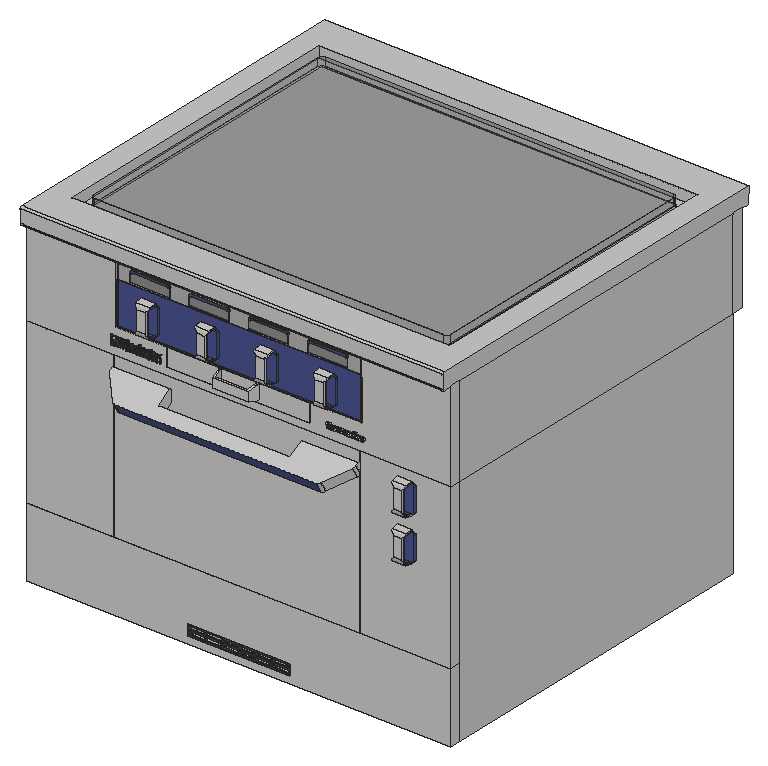
Revit family "QF_ELECTROLUXPROFESSIONAL_589658_MCLMFAJ8AO", category Attrezzature speciali, Revit 2020
Family settings
  Quota connettore circolare = Usa diametro
  Tipo di parte = Normale
  Basato su piano di lavoro = No
  Sempre verticale = Sì
  Taglio con vuoti quando caricato = No
  Condiviso = No
  Punto di calcolo locali = No
Parameters (values of type "Standard")
  Weight = 258.00 kg
  Watts = 21300 W
  Volts = 400 V
  URL Manufacturer = "https://www.electroluxprofessional.com/"
  URL = "https://www.electroluxprofessional.com/"
  Steam Supply Size = 0"
  Steam Supply Minimum Pressure = 0.00 psi
  Steam Supply Maximum Pressure = 0.00 psi
  Steam Consumption per Hour = 0
  Refrigeration Suction Line Size = 0 mm
  Refrigeration Liquid Line Size = 0 mm
  Refrigerant Compressor Remote = yes
  Prospetto di default = 0 mm
  Phase = 3
  Modello = "MCLMFAJ8AO"
  Produttore = "Electrolux Professional"
  Length Actual = 1000 mm  # constant formula
  Item Number = "589658"
  Hot Water Size = 0"
  Height Actual = 800 mm  # constant formula
  HP = "28.6 HP"
  Gas Size = 0"
  Gas KW = 0
  Gas Input Pressure = 0.0 Btu/h
  Direct Waste Size = 0"
  Descrizione = "EL.SOLID T,ECO,ST.OV,1S,1000X900X800H"
  Depth Actual = 900 mm  # constant formula
  Cycle = 50 Hz
  Condensate Return Size = 0"
  Compressed Air Volume = 0 GPM
  Compressed Air Size = 0"
  Compressed Air Pressure = 0.00 psi
  Cold Water Size = 0"
  Accessory = yes
Reference planes
  plane 1 "BACK": y = 0
  plane 2: z = 0
  plane 3 "LEFT": x = -100
  plane 4 "RIGHT": x = 900
  plane 5 "FRONT": y = -900
  plane 6 "TOP": z = 900
  plane 7 "Center (Left/Right)": x = 400
  plane 8: y = -450
  plane 9: z = 100
  plane 10: y = -150
  plane 11 "Panel": y = -855
  plane 12: z = 798
  plane 13: z = 1327
  plane 14: x = -22
  plane 15: x = 822
  plane 16: y = -150
  plane 17: y = -650
  plane 18 "EIx": x = 855
  plane 19 "EIy": y = -685
  plane 20: y = -880
  plane 21: z = 938
Forms (mm)
  Extrusion 1, solid, material "QF_Finishes_Stainless Steel"
    sketch origin (-178.969, -4572, 100) x (-1, 0, 0) y (0, -1, 0)
      loop
        line (-78.969, -4527) -> (-78.969, -3717) -> (-1078.969, -3717) -> (-1078.969, -4527) -> (-78.969, -4527)
    from 550 to 762.969
  Extrusion 2, solid, material "QF_Finishes_Stainless Steel"
    sketch origin (-100, 0, -100) x (0, 1, 0) y (0, 0, 1)
      loop
        line (-855, 200) -> (-855, 365) -> (-880, 365) -> (-880, 200) -> (-855, 200)
    from 0 to 1000
  Extrusion 3, solid, material "QF_Finishes_Stainless Steel"
    sketch origin (-488.969, -4662, 100) x (-1, 0, 0) y (0, -1, 0)
      loop
        circle (-1343.969, -3977) r 6.35
    from 0 to -11.851
  Extrusion 4, solid, material "QF_Finishes_Stainless Steel"
    sketch origin (400, 296.4, 1219.2) x (0, 1, 0) y (0, 0, 1)
      loop
        line (-296.4, -319.2) -> (-1191.4, -319.2)
        arc (-1191.4, -319.2) -> (-1194.935, -320.664) -> (-1196.4, -324.2) r 5
        line (-1196.4, -324.2) -> (-1196.4, -355.2)
        arc (-1196.4, -355.2) -> (-1194.971, -358.264) -> (-1191.705, -359.139) r 4
        line (-1191.705, -359.139) -> (-1176.4, -356.231) -> (-316.4, -356.231) -> (-301.094, -359.139)
        arc (-301.094, -359.139) -> (-297.829, -358.264) -> (-296.4, -355.2) r 4
        line (-296.4, -355.2) -> (-296.4, -319.2)
    from -500 to 500
  Extrusion 5, solid, material "QF_Finishes_Electrolux_Black Smoke Iluminated"
    sketch origin (0, 0, 900) x (-1, 0, 0) y (0, -1, 0)
      loop
        arc (12, 109) -> (19.071, 111.929) -> (22, 119) r 10
        line (22, 119) -> (22, 780)
        arc (22, 780) -> (19.071, 787.071) -> (12, 790) r 10
        line (12, 790) -> (-812, 790)
        arc (-812, 790) -> (-819.071, 787.071) -> (-822, 780) r 10
        line (-822, 780) -> (-822, 119)
        arc (-822, 119) -> (-819.071, 111.929) -> (-812, 109) r 10
        line (-812, 109) -> (12, 109)
    from 0 to -20
  Extrusion 6, solid, material "QF_Finishes_Stainless Steel"
    sketch origin (-178.969, -4572, 100) x (-1, 0, 0) y (0, -1, 0)
      loop
        line (-78.969, -4527) -> (-78.969, -3717) -> (-1078.969, -3717) -> (-1078.969, -4527) -> (-78.969, -4527)
    from 550 to 0
  Extrusion 7, void
    sketch origin (0, -855, -100) x (-1, 0, 0) y (0, 0, 1)
      loop
        line (-520, 216.594) -> (-280, 216.594) -> (-280, 241.594) -> (-520, 241.594) -> (-520, 216.594)
    from 0 to -25
  Extrusion 8, solid, material "QF_Finishes_Black"
    sketch origin (0, -855, -100) x (-1, 0, 0) y (0, 0, 1)
      loop
        line (-280, 241.594) -> (-520, 241.594) -> (-520, 216.594) -> (-280, 216.594) -> (-280, 241.594)
      loop
        line (-282, 239.594) -> (-319.131, 239.594) -> (-319.131, 230.094) -> (-282, 230.094) -> (-282, 239.594)
      loop
        line (-282, 218.594) -> (-282, 228.094) -> (-319.131, 228.094) -> (-319.131, 218.594) -> (-282, 218.594)
      loop
        line (-321.131, 239.594) -> (-359.066, 239.594) -> (-359.066, 230.094) -> (-321.131, 230.094) -> (-321.131, 239.594)
      loop
        line (-399, 239.594) -> (-399, 230.094) -> (-361.066, 230.094) -> (-361.066, 239.594) -> (-399, 239.594)
      loop
        line (-401, 239.594) -> (-438.934, 239.594) -> (-438.934, 230.094) -> (-401, 230.094) -> (-401, 239.594)
      loop
        line (-359.066, 218.594) -> (-321.131, 218.594) -> (-321.131, 228.094) -> (-359.066, 228.094) -> (-359.066, 218.594)
      loop
        line (-361.066, 218.594) -> (-361.066, 228.094) -> (-399, 228.094) -> (-399, 218.594) -> (-361.066, 218.594)
      loop
        line (-401, 228.094) -> (-438.934, 228.094) -> (-438.934, 218.594) -> (-401, 218.594) -> (-401, 228.094)
      loop
        line (-518, 239.594) -> (-518, 230.094) -> (-480.869, 230.094) -> (-480.869, 239.594) -> (-518, 239.594)
      loop
        line (-518, 218.594) -> (-480.869, 218.594) -> (-480.869, 228.094) -> (-518, 228.094) -> (-518, 218.594)
      loop
        line (-478.869, 239.594) -> (-478.869, 230.094) -> (-440.934, 230.094) -> (-440.934, 239.594) -> (-478.869, 239.594)
      loop
        line (-440.934, 218.594) -> (-440.934, 228.094) -> (-478.869, 228.094) -> (-478.869, 218.594) -> (-440.934, 218.594)
    from -25.03 to -20
  Extrusion 9, void
    sketch origin (0, 0, 900) x (-1, 0, 0) y (0, -1, 0)
      loop
        line (47, 815) -> (-847, 815) -> (-847, 84) -> (47, 84) -> (47, 815)
    from 0 to -25
  Extrusion 10, solid, material "QF_Finishes_Stainless Steel"
    sketch origin (0, 0, 900) x (-1, 0, 0) y (0, -1, 0)
      loop
        line (18, 113) -> (18, 786) -> (-818, 786) -> (-818, 113) -> (18, 113)
    from -20 to -25
  Extrusion 11, solid, material "QF_Finishes_Stainless Steel"
    sketch origin (400, 296.4, 1219.2) x (0, 1, 0) y (0, 0, 1)
      loop
        line (-341.4, -569.2) -> (-316.4, -569.2) -> (-316.4, -356.231) -> (-341.4, -356.231) -> (-341.4, -569.2)
    from -500 to 500
Cuts and joins
  Extrusion 7 cuts Extrusion 6
  Extrusion 7 cuts Extrusion 2
  Extrusion 9 cuts Extrusion 4
Lines and regions (mm)
  symbolic lines
    curve 1: line (-100, 0, 100) -> (900, 0, 100)
    curve 2: line (-100, -900, 100) -> (-100, 0, 100)
    curve 3: line (900, -900, 100) -> (-100, -900, 100)
    curve 4: line (900, 0, 100) -> (900, -900, 100)
    curve 5: line (812, -109, 100) -> (-12, -109, 100)
    curve 6: line (-22, -119, 100) -> (-22, -780, 100)
    curve 7: line (-12, -790, 100) -> (812, -790, 100)
    curve 8: line (822, -780, 100) -> (822, -119, 100)
    curve 9: arc (-12, -109, 100) -> (-19.071, -111.929, 100) -> (-22, -119, 100) r 10
    curve 10: arc (822, -119, 100) -> (819.071, -111.929, 100) -> (812, -109, 100) r 10
    curve 11: arc (812, -790, 100) -> (819.071, -787.071, 100) -> (822, -780, 100) r 10
    curve 12: arc (-22, -780, 100) -> (-19.071, -787.071, 100) -> (-12, -790, 100) r 10
    curve 13: line (847, -84, 900) -> (-47, -84, 900)
    curve 14: line (-47, -84, 900) -> (-47, -815, 900)
    curve 15: line (847, -815, 900) -> (847, -84, 900)
    curve 16: line (-47, -815, 900) -> (847, -815, 900)
  model lines, style "SpecialityEquipment"
    curve 17: arc (634, -211, 900) -> (580.967, -339.033, 900) -> (709, -286, 900) r 75
    curve 18: line (689, -286, 900) -> (729, -286, 900)
    curve 19: line (729, -286, 900) -> (709, -266, 900)
    curve 20: line (689, -286, 900) -> (709, -266, 900)
    curve 21: arc (166, -211, 900) -> (112.967, -339.033, 900) -> (241, -286, 900) r 75
    curve 22: line (221, -286, 900) -> (261, -286, 900)
    curve 23: line (261, -286, 900) -> (241, -266, 900)
    curve 24: line (221, -286, 900) -> (241, -266, 900)
    curve 25: arc (634, -539, 900) -> (580.967, -667.033, 900) -> (709, -614, 900) r 75
    curve 26: line (689, -614, 900) -> (729, -614, 900)
    curve 27: line (729, -614, 900) -> (709, -594, 900)
    curve 28: line (689, -614, 900) -> (709, -594, 900)
    curve 29: arc (166, -539, 900) -> (112.967, -667.033, 900) -> (241, -614, 900) r 75
    curve 30: line (221, -614, 900) -> (261, -614, 900)
    curve 31: line (261, -614, 900) -> (241, -594, 900)
    curve 32: line (221, -614, 900) -> (241, -594, 900)
Dimensions and locks
  plane 3 "LEFT" to plane 4 "RIGHT" = 1000 mm
  plane 5 "FRONT" to plane 1 "BACK" = 900 mm
  plane 3 "LEFT" to plane 7 "Center (Left/Right)" to plane 4 "RIGHT" = 500 mm, 500 mm
  equal spacing: plane 5 "FRONT", plane 8, plane 1 "BACK"
  plane 6 "TOP" to level = 900 mm  (x2)
  plane 9 to level = 100 mm
  plane 1 "BACK" to plane 10 to plane 11 "Panel" = 150 mm, 705 mm  (x2)
  plane 6 "TOP" to plane 9 to level = 800 mm, 100 mm
  plane 1 "BACK" to plane 5 "FRONT" = 900 mm
  plane 1 "BACK" to Extrusion 3 = 685 mm
  plane 12 to plane 9 = 698 mm
  plane 13 to plane 6 "TOP" = 427 mm
  plane 6 "TOP" to plane 12 = 102 mm
  plane 14 to plane 3 "LEFT" = 78 mm
  plane 15 to plane 4 "RIGHT" = 78 mm
  locked: plane 1 "BACK" to plane 16 at 150
  locked: plane 16 to plane 17 at 500
  plane 11 "Panel" to plane 5 "FRONT" = 45 mm
  plane 18 "EIx" to plane 4 "RIGHT" = 45 mm
  plane 19 "EIy" to plane 1 "BACK" = 685 mm
  locked: plane 11 "Panel" to plane 20 at 25
  plane 21 to plane 6 "TOP" = 38 mm
  aligned and locked: level to plane 2
  aligned and locked: Extrusion 2 to plane 4 "RIGHT"
  aligned and locked: cut or joined group of Extrusion 4, Extrusion 9 to plane 3 "LEFT"
  aligned and locked: cut or joined group of Extrusion 4, Extrusion 9 to plane 4 "RIGHT"
  aligned and locked: cut or joined group of Extrusion 6, Extrusion 7 to plane 4 "RIGHT"
  aligned and locked: cut or joined group of Extrusion 6, Extrusion 7 to plane 3 "LEFT"
  aligned and locked: nested 1 to plane 11 "Panel"
  aligned and locked: nested 4 to plane 11 "Panel"
  aligned and locked: Extrusion 1 to plane 11 "Panel"
  aligned and locked: plane 11 "Panel" to cut or joined group of Extrusion 2, Extrusion 7
  aligned and locked: nested 2 to plane 20
  aligned and locked: nested 3 to plane 20
  aligned and locked: Extrusion 1 to plane 3 "LEFT"
  aligned and locked: Extrusion 1 to plane 4 "RIGHT"
  aligned and locked: plane 3 "LEFT" to nested 1
  aligned and locked: cut or joined group of Extrusion 2, Extrusion 7 to nested 1
  aligned and locked: Extrusion 1 to cut or joined group of Extrusion 4, Extrusion 9
  aligned and locked: cut or joined group of Extrusion 6, Extrusion 7 to nested 4
  aligned and locked: Extrusion 1 to cut or joined group of Extrusion 6, Extrusion 7
  aligned and locked: Extrusion 11 to plane 3 "LEFT"
  aligned and locked: Extrusion 11 to plane 4 "RIGHT"
Automatic sketch dimensions
  Extrusion 1 sketch curve to plane 4 "RIGHT" = 0 mm
  Extrusion 1 sketch curve to plane 3 "LEFT" = 0 mm
  Extrusion 1 sketch curve to plane 11 "Panel" = 0 mm
  plane 1 "BACK" to Extrusion 1 sketch curve = 45 mm
  Extrusion 2 sketch curve to plane 9 = 0 mm
  Extrusion 2 sketch curve to plane 20 = 0 mm
  Extrusion 2 sketch curve to plane 11 "Panel" = 0 mm
  plane 9 to Extrusion 2 sketch curve = 165 mm
  plane 1 "BACK" to curve 1 = 0 mm
  curve 1 to plane 4 "RIGHT" = 0 mm
  curve 8 to plane 15 = 0 mm
  curve 6 to plane 14 = 0 mm
  curve 2 to plane 3 "LEFT" = 0 mm
  plane 5 "FRONT" to curve 3 = 0 mm
  plane 15 to curve 5 = 10 mm
  plane 15 to curve 11 = 10 mm
  curve 5 to plane 14 = 10 mm
  curve 12 to curve 12 = 10 mm
  plane 10 to curve 5 = 41 mm
  plane 11 "Panel" to curve 11 = 75 mm
  Extrusion 3 sketch curve to plane 18 "EIx" = 0 mm
  Extrusion 3 sketch curve to plane 19 "EIy" = 0 mm
  Extrusion 4 sketch curve to plane 5 "FRONT" = 0 mm
  Extrusion 4 sketch curve to plane 6 "TOP" = 0 mm
  Extrusion 4 sketch curve to plane 20 = 0 mm
  Extrusion 4 sketch curve to plane 1 "BACK" = 0 mm
  Extrusion 4 sketch curve to Extrusion 4 sketch curve = 4 mm
  Extrusion 4 sketch curve to Extrusion 4 sketch curve = 0.695 mm
  Extrusion 4 sketch curve to plane 5 "FRONT" = 5 mm
  plane 1 "BACK" to Extrusion 4 sketch curve = 20 mm
  plane 1 "BACK" to Extrusion 4 sketch curve = 4.695 mm
  plane 1 "BACK" to Extrusion 4 sketch curve = 4 mm
  Extrusion 4 sketch curve to Extrusion 4 sketch curve = 31 mm
  Extrusion 4 sketch curve to Extrusion 4 sketch curve = 36 mm
  Extrusion 4 sketch curve to Extrusion 4 sketch curve = 2.909 mm
  Extrusion 5 sketch curve to plane 15 = 0 mm
  Extrusion 5 sketch curve to plane 14 = 0 mm
  plane 15 to Extrusion 5 sketch curve = 10 mm  (x2)
  Extrusion 5 sketch curve to Extrusion 5 sketch curve = 10 mm  (x2)
  plane 10 to Extrusion 5 sketch curve = 41 mm
  plane 11 "Panel" to Extrusion 5 sketch curve = 75 mm
  Extrusion 6 sketch curve to plane 4 "RIGHT" = 0 mm
  Extrusion 6 sketch curve to plane 3 "LEFT" = 0 mm
  Extrusion 6 sketch curve to plane 11 "Panel" = 0 mm
  plane 1 "BACK" to Extrusion 6 sketch curve = 45 mm
  plane 9 to Extrusion 7 sketch curve = 41.594 mm
  plane 7 "Center (Left/Right)" to Extrusion 7 sketch curve = 120 mm
  Extrusion 7 sketch curve to plane 7 "Center (Left/Right)" = 120 mm
  plane 9 to Extrusion 7 sketch curve = 16.594 mm
  plane 9 to Extrusion 8 sketch curve = 41.594 mm
  plane 7 "Center (Left/Right)" to Extrusion 8 sketch curve = 120 mm
  Extrusion 8 sketch curve to Extrusion 8 sketch curve = 2 mm  (x15)
  Extrusion 8 sketch curve to Extrusion 8 sketch curve = 0 mm  (x16)
  Extrusion 8 sketch curve to Extrusion 8 sketch curve = 37.131 mm  (x2)
  Extrusion 8 sketch curve to Extrusion 8 sketch curve = 37.934 mm  (x3)
  plane 7 "Center (Left/Right)" to Extrusion 8 sketch curve = 1 mm  (x2)
  Extrusion 8 sketch curve to plane 7 "Center (Left/Right)" = 1 mm  (x2)
  plane 9 to Extrusion 8 sketch curve = 18.594 mm  (x4)
  Extrusion 8 sketch curve to Extrusion 8 sketch curve = 9.5 mm  (x6)
  plane 18 "EIx" to Extrusion 9 sketch curve = 8 mm
  plane 14 to Extrusion 9 sketch curve = 25 mm
  plane 10 to Extrusion 9 sketch curve = 66 mm
  plane 11 "Panel" to Extrusion 9 sketch curve = 40 mm
  plane 15 to Extrusion 10 sketch curve = 4 mm
  Extrusion 10 sketch curve to plane 14 = 4 mm
  plane 10 to Extrusion 10 sketch curve = 37 mm
  plane 11 "Panel" to Extrusion 10 sketch curve = 69 mm
  plane 18 "EIx" to curve 13 = 8 mm
  curve 27 to plane 17 = 36 mm
  plane 15 to curve 27 = 93 mm
  plane 15 to curve 18 = 93 mm
  curve 18 to curve 20 = 20 mm
  curve 26 to curve 27 = 20 mm
  curve 19 to curve 18 = 20 mm
  curve 28 to curve 26 = 20 mm
  curve 26 to curve 25 = 55 mm
  curve 18 to curve 17 = 55 mm
  curve 23 to plane 7 "Center (Left/Right)" = 139 mm
  curve 31 to plane 17 = 36 mm
  curve 31 to plane 7 "Center (Left/Right)" = 139 mm
  curve 30 to curve 31 = 20 mm
  curve 22 to curve 23 = 20 mm
  curve 32 to curve 32 = 20 mm
  curve 23 to curve 22 = 20 mm
  curve 30 to curve 29 = 55 mm
  curve 22 to curve 21 = 55 mm
  plane 14 to curve 13 = 25 mm
  curve 24 to plane 10 = 136 mm
  curve 18 to plane 10 = 136 mm
  plane 10 to curve 15 = 66 mm
  plane 11 "Panel" to curve 16 = 40 mm
  curve 17 to curve 18 = 20 mm
  curve 25 to curve 26 = 20 mm
  curve 21 to curve 22 = 20 mm
  curve 29 to curve 30 = 20 mm
  plane 1 "BACK" to Extrusion 11 sketch curve = 45 mm
  plane 1 "BACK" to Extrusion 11 sketch curve = 20 mm
  Extrusion 11 sketch curve to plane 12 = 148 mm
  Extrusion 11 sketch curve to plane 6 "TOP" = 37.031 mm
  radius of Extrusion 3 sketch curve = 6.35 mm
Nested families
  nested 1: "Door_Panel_W1000_A" at (400, -855, 0), type "Door_Panel_W1000_A"
  nested 2: "FIT Range Control Handle" at (795, -883.137, -372.751), type "FIT Range Control Handle"
  nested 3: "FIT Range Control Handle" at (795, -883.137, -474.751), type "FIT Range Control Handle"
  nested 4: "Front_Panel_W1000_Four Knobs" at (102.376, -855, 0), type "Front_Panel_W1000_Four Knobs"
Connectors
  electrical at (855, -685, 88.149)
    settings: on Extrusion 3, index 1, voltage 400 V, apparent load 33000 VA, apparent load phase1 0 VA, apparent load phase2 0 VA, apparent load phase3 0 VA, power factor 1, load classification "Other", number of poles 1, system type 30, power factor state 1, is connector primary yes, connector utility no, sub classification motor no, connector description "ELECTRICAL CONNECTION"
Definition of nested family "Door_Panel_W1000_A"
  Parameters
    Default Elevation = 0 mm
  Reference planes
    plane 1 "Center (Front/Back)": y = 0
    plane 2 "Ref. Level": z = 0
    plane 3: x = 500
    plane 4: x = -500
    plane 5 "Center (Left/Right)": x = 0
    plane 6: x = -295
    plane 7: x = 285
    plane 8 "Manopola": through (-6096, -50.059, 612.389) normal (0, -0.515, 0.8572)
    plane 9 "Top": z = 650
    plane 10: z = 265
    plane 11: z = 200
  Forms (mm)
    Extrusion 1, solid
      sketch origin (0, 0, 0) x (0, 1, 0) y (0, 0, 1)
        loop
          line (-25.03, 650) -> (-25.03, 265) -> (0, 265) -> (0, 650) -> (-25.03, 650)
      from 285 to 500
    Extrusion 2, solid
      sketch origin (0, 0, 0) x (0, 1, 0) y (0, 0, 1)
        loop
          line (-25.03, 650) -> (-25.03, 265) -> (0, 265) -> (0, 650) -> (-25.03, 650)
      from -500 to -295
    Extrusion 3, solid
      sketch origin (0, 0, 0) x (0, 1, 0) y (0, 0, 1)
        loop
          line (-25.03, 650) -> (-25.03, 265) -> (0, 265) -> (0, 650) -> (-25.03, 650)
      from -295 to 285
    Extrusion 4, solid
      sketch origin (0, -283.633, 472.044) x (0, 0.857167, 0.515038) y (-1, 0, 0)
        loop
          line (299.12, -285) -> (299.12, 295) -> (290.982, 295)
          arc (290.982, 295) -> (286.677, 294.026) -> (283.211, 291.293) r 10
          line (283.211, 291.293) -> (233.28, 250.86)
          arc (233.28, 250.86) -> (230.548, 247.394) -> (229.574, 243.089) r 10
          line (229.574, 243.089) -> (229.574, -233.089)
          arc (229.574, -233.089) -> (230.548, -237.394) -> (233.28, -240.86) r 10
          line (233.28, -240.86) -> (283.211, -281.293)
          arc (283.211, -281.293) -> (286.677, -284.026) -> (290.982, -285) r 10
          line (290.982, -285) -> (299.12, -285)
      from -27 to 0
    Extrusion 5, void
      sketch origin (0, 0, 0) x (0, 1, 0) y (0, 0, 1)
        loop
          line (-61.514, 605.507) -> (-47.608, 582.363) -> (-25.03, 595.93) -> (-25.03, 627.429) -> (-61.514, 605.507)
      from -160 to 150
    Extrusion 6, solid, detail levels coarse
      sketch origin (0, 0, 0) x (0, 1, 0) y (0, 0, 1)
        loop
          line (-25.03, 265) -> (-25.03, 650)
          arc (-25.03, 650) -> (-297.266, 537.236) -> (-410.03, 265) r 385
          line (-410.03, 265) -> (-25.03, 265)
      from -295 to 285
  Cuts and joins
    Extrusion 5 cuts Extrusion 4
    joined: Extrusion 3, Extrusion 4
  Lines and regions (mm)
    symbolic lines
      curve 1: line (-287.355, -45.043, 0) -> (-250.86, -83.673, 0)
      curve 2: line (-243.089, -86.85, 0) -> (233.089, -86.85, 0)
      curve 3: line (240.86, -83.673, 0) -> (277.355, -45.043, 0)
      curve 4: arc (-243.089, -86.85, 0) -> (-247.318, -86.101, 0) -> (-250.86, -83.673, 0) r 10.165
      curve 5: arc (233.089, -86.85, 0) -> (237.318, -86.101, 0) -> (240.86, -83.673, 0) r 10.165
      curve 6: line (-295, -45.043, 0) -> (-295, -410.03, 0)
      curve 7: line (-295, -410.03, 0) -> (285, -410.03, 0)
      curve 8: line (285, -410.03, 0) -> (285, -45.03, 0)
  Dimensions and locks
    plane 3 to plane 4 = 1000 mm
    plane 4 to plane 3 = 1000 mm
    equal spacing: plane 3, plane 5 "Center (Left/Right)", plane 4
    plane 6 to plane 4 = 205 mm
    plane 3 to plane 7 = 215 mm
    plane 11 to level = 200 mm
    plane 10 to plane 11 = 65 mm
    plane 10 to plane 9 "Top" = 385 mm
    plane 9 "Top" to plane 11 = 450 mm
    aligned and locked: plane 3 to Extrusion 1
    aligned and locked: cut or joined group of Extrusion 3, Extrusion 4, Extrusion 5 to plane 6
    aligned and locked: cut or joined group of Extrusion 3, Extrusion 4, Extrusion 5 to plane 7
    aligned and locked: plane 7 to Extrusion 1
    aligned and locked: plane 6 to Extrusion 2
    aligned and locked: Extrusion 2 to plane 4
    aligned and locked: plane 10 to Extrusion 2
    aligned and locked: plane 10 to cut or joined group of Extrusion 3, Extrusion 4, Extrusion 5
    aligned and locked: plane 10 to Extrusion 1
    aligned and locked: Extrusion 6 to plane 6
    aligned and locked: Extrusion 6 to plane 7
  Automatic sketch dimensions
    Extrusion 5 sketch curve to plane 8 "Manopola" = 0 mm  (x2)
    plane 1 "Center (Front/Back)" to Extrusion 5 sketch curve = 61.514 mm
    Extrusion 5 sketch curve to Extrusion 5 sketch curve = 13.906 mm
    plane 1 "Center (Front/Back)" to Extrusion 5 sketch curve = 25.03 mm
    Extrusion 4 sketch curve to plane 7 = 0 mm
    Extrusion 4 sketch curve to plane 6 = 0 mm
    plane 6 to Extrusion 4 sketch curve = 51.911 mm
    plane 7 to Extrusion 4 sketch curve = 44.14 mm
    Extrusion 4 sketch curve to Extrusion 4 sketch curve = 3.707 mm  (x2)
    plane 6 to Extrusion 4 sketch curve = 44.14 mm
    plane 7 to Extrusion 4 sketch curve = 3.707 mm
    Extrusion 4 sketch curve to Extrusion 4 sketch curve = 49.93 mm  (x2)
    plane 6 to Extrusion 4 sketch curve = 3.707 mm
    Extrusion 4 sketch curve to Extrusion 4 sketch curve = 7.771 mm  (x3)
    Extrusion 4 sketch curve to Extrusion 4 sketch curve = 8.138 mm
    Extrusion 2 sketch curve to plane 1 "Center (Front/Back)" = 0 mm
    Extrusion 3 sketch curve to plane 1 "Center (Front/Back)" = 0 mm
    Extrusion 1 sketch curve to plane 1 "Center (Front/Back)" = 0 mm
    Extrusion 2 sketch curve to plane 9 "Top" = 0 mm
    Extrusion 2 sketch curve to Extrusion 2 sketch curve = 25.03 mm
    Extrusion 3 sketch curve to plane 9 "Top" = 0 mm
    Extrusion 3 sketch curve to Extrusion 3 sketch curve = 25.03 mm
    Extrusion 1 sketch curve to plane 9 "Top" = 0 mm
    plane 1 "Center (Front/Back)" to Extrusion 1 sketch curve = 25.03 mm
    level to Extrusion 1 sketch curve = 265 mm
    level to Extrusion 2 sketch curve = 265 mm
    level to Extrusion 3 sketch curve = 265 mm
    plane 10 to Extrusion 6 sketch curve = 0 mm
    Extrusion 6 sketch curve to plane 9 "Top" = 0 mm
    plane 1 "Center (Front/Back)" to Extrusion 6 sketch curve = 25.03 mm
    curve 7 to plane 7 = 0 mm
    plane 6 to curve 1 = 44.14 mm
    curve 4 to curve 4 = 7.389 mm
    curve 4 to curve 2 = 7.771 mm
    plane 7 to curve 2 = 51.911 mm
    curve 2 to curve 5 = 0.382 mm
    curve 2 to curve 3 = 7.771 mm
    plane 1 "Center (Front/Back)" to curve 6 = 410.03 mm
    plane 1 "Center (Front/Back)" to curve 2 = 86.85 mm
    curve 2 to curve 3 = 3.177 mm
    curve 2 to curve 1 = 3.177 mm
    plane 7 to curve 3 = 7.645 mm
    plane 1 "Center (Front/Back)" to curve 3 = 45.043 mm
    curve 3 to curve 8 = 0.013 mm
    curve 7 to plane 6 = 0 mm
    curve 6 to curve 1 = 7.645 mm
    plane 1 "Center (Front/Back)" to curve 1 = 45.043 mm
    curve 6 to curve 1 = 0 mm
Definition of nested family "FIT Range Control Handle"
  Parameters
    Default Elevation = 0 mm
  Reference planes
    plane 1 "Center (Front/Back)": y = 0
    plane 2: z = 0
    plane 3 "Center (Left/Right)": x = 0
    plane 4: z = 971.092
    plane 5: y = -16.8
  Forms (mm)
    Extrusion 1, solid
      sketch origin (-746.28, 380.497, 208.931) x (-1, 0, 0) y (0, 0, 1)
        loop
          line (-770.101, 786.798) -> (-770.101, 731.649)
          arc (-770.101, 731.649) -> (-769.759, 730.563) -> (-768.855, 729.87) r 1.893
          line (-768.855, 729.87) -> (-763.474, 727.911) -> (-729.81, 727.911) -> (-724.428, 729.87)
          arc (-724.428, 729.87) -> (-723.525, 730.563) -> (-723.183, 731.649) r 1.893
          line (-723.183, 731.649) -> (-723.183, 786.798)
          arc (-723.183, 786.798) -> (-723.529, 787.894) -> (-724.44, 788.593) r 1.91
          line (-724.44, 788.593) -> (-729.683, 790.819) -> (-763.601, 790.819) -> (-768.844, 788.593)
          arc (-768.844, 788.593) -> (-769.755, 787.894) -> (-770.101, 786.798) r 1.91
      from -382.35 to -378.852
    Sweep 2, solid
      path origin (-746.788, 380.496, 208.091) x (0, -1, 0) y (0, 0, 1)
        loop
          line (379.775, 793.281) -> (395.661, 791.048)
          arc (395.661, 791.048) -> (397.781, 787.377) -> (398.517, 783.202) r 12.207
          line (398.517, 783.202) -> (398.517, 737.368)
          arc (398.517, 737.368) -> (397.781, 733.193) -> (395.661, 729.522) r 12.207
          line (395.661, 729.522) -> (379.775, 727.289)
      profile origin (-746.788, -7.222, 1000.256) x (0, -0.139173, 0.990268) y (-1, 0, 0)
        loop
          line (0.782, -763.123) -> (0.782, -730.907) -> (-1.322, -730.907) -> (-1.322, -763.123) -> (0.782, -763.123)
    Sweep 3, solid
      path origin (-746.788, 380.715, 207.832) x (0, -1, 0) y (0, 0, 1)
        loop
          line (380.478, 795.442) -> (397.218, 793.09)
          arc (397.218, 793.09) -> (399.929, 788.473) -> (400.871, 783.202) r 15.207
          line (400.871, 783.202) -> (400.871, 737.584)
          arc (400.871, 737.584) -> (399.914, 732.274) -> (397.164, 727.633) r 15.207
          line (397.164, 727.633) -> (380.601, 725.305)
      profile origin (-746.788, -8.132, 1002.099) x (0, -0.139173, 0.990268) y (-1, 0, 0)
        loop
          line (0.782, -763.123) -> (0.782, -730.907) -> (-1.322, -730.907) -> (-1.322, -763.123) -> (0.782, -763.123)
    Extrusion 4, void
      sketch origin (889.253, 220.666, 207.993) x (1, 0, 0) y (0, 0, 1)
        loop
          line (-943.038, 816.854) -> (-943.038, 703.686) -> (-899.466, 734.196) -> (-899.466, 786.344) -> (-943.038, 816.854)
      from 230.636 to 242.25
    Extrusion 5, void
      sketch origin (-888.8, 220.666, 207.993) x (-1, 0, 0) y (0, 0, -1)
        loop
          line (-943.038, -816.854) -> (-899.466, -786.344) -> (-899.466, -734.196) -> (-943.038, -703.686) -> (-943.038, -816.854)
      from 230.636 to 242.25
    Extrusion 6, solid
      sketch origin (0, 0, 0) x (1, 0, 0) y (0, 0, 1)
        loop
          circle (0, 971.092) r 7.736
      from -3.137 to -1.645
  Cuts and joins
    Extrusion 4, Extrusion 5 cuts Sweep 3
    Extrusion 4, Extrusion 5 cuts Sweep 2
    joined: Extrusion 1, Extrusion 6
  Lines and regions (mm)
    symbolic lines
      curve 1: line (-15.881, -19.189, 0) -> (-15.881, -16.8, 0)
      curve 2: line (16.334, -19.189, 0) -> (16.334, -16.8, 0)
      curve 3: spline (-15.881, -19.189, 0) -> (-15.417, -19.349, 0) -> (-14.951, -19.501, 0) -> (-14.483, -19.646, 0) -> (-14.014, -19.783, 0) -> (-13.543, -19.912, 0) -> (-13.071, -20.033, 0) -> (-12.597, -20.146, 0) -> (-12.122, -20.251, 0) -> (-11.646, -20.349, 0) -> (-11.169, -20.438, 0) -> (-10.691, -20.52, 0) -> (-10.213, -20.593, 0)
      curve 4: spline (10.666, -20.593, 0) -> (11.144, -20.52, 0) -> (11.622, -20.438, 0) -> (12.099, -20.349, 0) -> (12.575, -20.251, 0) -> (13.05, -20.146, 0) -> (13.524, -20.033, 0) -> (13.996, -19.912, 0) -> (14.467, -19.783, 0) -> (14.936, -19.646, 0) -> (15.404, -19.501, 0) -> (15.87, -19.349, 0) -> (16.334, -19.189, 0)
      curve 5: line (-10.213, -20.938, 0) -> (10.716, -20.938, 0)
  Dimensions and locks
    cut or joined group of Sweep 3, Extrusion 4, Extrusion 5 to cut or joined group of Sweep 3, Extrusion 4, Extrusion 5 = 71.686 mm
Definition of nested family "Front_Panel_W1000_Four Knobs"
  Parameters
    Default Elevation = 0 mm
  Reference planes
    plane 1 "Center (Front/Back)": y = 0
    plane 2: z = 0
    plane 3 "Center (Left/Right)": x = 297.624
    plane 4 "Left": x = -202.376
    plane 5 "Right": x = 797.624
    plane 6: y = -45
    plane 7: x = 87.624
    plane 8: x = 227.624
    plane 9: y = -310
    plane 10: y = -25
    plane 11: x = -2.376
    plane 12: x = 367.624
    plane 13: x = 507.624
    plane 14: x = 594.715
  Forms (mm)
    Extrusion 1, solid
      sketch origin (833.217, 829.203, -1.25) x (0, 1, 0) y (0, 0, 1)
        loop
          line (-854.203, 651.25) -> (-829.203, 651.25) -> (-829.203, 864.25) -> (-854.203, 864.25) -> (-854.203, 651.25)
      from -1035.593 to -35.593
    Extrusion 2, void
      sketch origin (0, 0, 0) x (1, 0, 0) y (0, 0, 1)
        loop
          line (7.624, 853.866) -> (7.624, 711.866) -> (587.624, 711.866) -> (587.624, 853.866) -> (7.624, 853.866)
      from 19.387 to 33.951
    Extrusion 3, void
      sketch origin (0, 0, 0) x (1, 0, 0) y (0, 0, 1)
        loop
          line (128.624, 711.866) -> (128.624, 668.866) -> (466.624, 668.866) -> (466.624, 711.866) -> (128.624, 711.866)
      from 19.387 to 25
    Extrusion 4, solid
      sketch origin (150, 0, 1) x (1, 0, 0) y (0, 0, 1)
        loop
          line (-21.376, 710.866) -> (-21.376, 667.866) -> (316.624, 667.866) -> (316.624, 710.866) -> (-21.376, 710.866)
      from 19.387 to 25
    Extrusion 5, solid
      sketch origin (150, 0, 1) x (1, 0, 0) y (0, 1, 0)
        loop
          line (106.059, -25) -> (100.966, -25) -> (105.646, -49.075) -> (189.603, -49.075) -> (194.283, -25) -> (189.189, -25) -> (185.481, -44.075) -> (109.767, -44.075) -> (106.059, -25)
      from 672.593 to 705.67
    Extrusion 6, void
      sketch origin (297.624, 0, 1) x (0, 1, 0) y (0, 0, 1)
        loop
          line (-30, 705.67) -> (-30, 710.67) -> (-56.744, 710.67) -> (-56.744, 667.593) -> (-30, 667.593) -> (-30, 672.593) -> (-53.776, 680.318) -> (-53.776, 697.945) -> (-30, 705.67)
      from -50 to 50
    Extrusion 7, solid, detail levels coarse
      sketch origin (150, -265, 1) x (1, 0, 0) y (0, 1, 0)
        loop
          line (106.164, -71.744) -> (189.084, -71.744) -> (194.283, -45) -> (316.624, -45) -> (316.624, 240) -> (-21.376, 240) -> (-21.376, -45) -> (100.966, -45) -> (106.164, -71.744)
      from 672.593 to 705.67
    Extrusion 8, void
      sketch origin (297.624, -280, 1) x (0, 1, 0) y (0, 0, 1)
        loop
          line (-30, 705.67) -> (-30, 710.67) -> (-56.744, 710.67) -> (-56.744, 667.593) -> (-30, 667.593) -> (-30, 672.593) -> (-53.776, 680.318) -> (-53.776, 697.945) -> (-30, 705.67)
      from -50 to 50
  Cuts and joins
    Extrusion 2, Extrusion 3 cuts Extrusion 1
    Extrusion 6 cuts Extrusion 5
    Extrusion 6, Extrusion 8 cuts Extrusion 7
  Lines and regions (mm)
    symbolic lines
      curve 1: line (128.624, -45, 0) -> (128.624, -310, 0)
      curve 2: line (128.624, -310, 0) -> (466.624, -310, 0)
      curve 3: line (466.624, -310, 0) -> (466.624, -45, 0)
      curve 4: line (128.624, -300, 0) -> (466.624, -300, 0)
      curve 5: line (250.908, -309.701, 0) -> (255.587, -333.776, 0)
      curve 6: line (255.587, -333.776, 0) -> (339.545, -333.776, 0)
      curve 7: line (339.545, -333.776, 0) -> (344.225, -309.701, 0)
      curve 8: line (256.001, -309.701, 0) -> (259.709, -328.776, 0)
      curve 9: line (259.709, -328.776, 0) -> (335.423, -328.776, 0)
      curve 10: line (335.423, -328.776, 0) -> (339.131, -309.701, 0)
  Dimensions and locks
    equal spacing: plane 5 "Right", plane 3 "Center (Left/Right)", plane 4 "Left"
    plane 5 "Right" to plane 4 "Left" = 1000 mm
    plane 3 "Center (Left/Right)" to plane 7 = 210 mm
    plane 3 "Center (Left/Right)" to plane 8 = 70 mm
    plane 6 to plane 9 = 265 mm
    plane 13 to plane 3 "Center (Left/Right)" = 210 mm
    plane 12 to plane 3 "Center (Left/Right)" = 70 mm
    aligned and locked: cut or joined group of Extrusion 1, Extrusion 2, Extrusion 3 to plane 4 "Left"
    aligned and locked: plane 5 "Right" to cut or joined group of Extrusion 1, Extrusion 2, Extrusion 3
    aligned and locked: plane 3 "Center (Left/Right)" to nested 2
    aligned and locked: cut or joined group of Extrusion 1, Extrusion 2, Extrusion 3 to nested 2
  Automatic sketch dimensions
    plane 7 to Extrusion 3 sketch curve = 41 mm
    plane 3 "Center (Left/Right)" to Extrusion 3 sketch curve = 169 mm
    level to Extrusion 3 sketch curve = 668.866 mm
    Extrusion 3 sketch curve to Extrusion 3 sketch curve = 43 mm
    Extrusion 1 sketch curve to plane 1 "Center (Front/Back)" = 0 mm
    level to Extrusion 1 sketch curve = 650 mm
    plane 4 "Left" to Extrusion 2 sketch curve = 210 mm
    Extrusion 2 sketch curve to plane 5 "Right" = 210 mm
    level to Extrusion 2 sketch curve = 711.866 mm
    Extrusion 2 sketch curve to Extrusion 2 sketch curve = 142 mm
    plane 6 to curve 1 = 0 mm
    plane 6 to curve 3 = 0 mm
    plane 9 to curve 1 = 0 mm
    plane 7 to curve 1 = 41 mm
    curve 1 to curve 4 = 10 mm
    Extrusion 1 sketch curve to plane 6 = 20 mm
    Extrusion 1 sketch curve to Extrusion 1 sketch curve = 213 mm
    plane 7 to Extrusion 4 sketch curve = 41 mm
    Extrusion 4 sketch curve to plane 13 = 41 mm
    level to Extrusion 4 sketch curve = 668.866 mm
    Extrusion 4 sketch curve to Extrusion 4 sketch curve = 43 mm
    plane 10 to Extrusion 5 sketch curve = 0 mm  (x2)
    plane 8 to Extrusion 5 sketch curve = 23.342 mm
    plane 6 to Extrusion 5 sketch curve = 4.075 mm
    Extrusion 5 sketch curve to Extrusion 5 sketch curve = 4.68 mm
    Extrusion 5 sketch curve to Extrusion 5 sketch curve = 5.094 mm  (x2)
    Extrusion 5 sketch curve to plane 6 = 0.925 mm
    Extrusion 5 sketch curve to Extrusion 5 sketch curve = 4.122 mm  (x2)
    Extrusion 5 sketch curve to plane 12 = 32.143 mm
    Extrusion 5 sketch curve to Extrusion 5 sketch curve = 3.708 mm
    plane 6 to Extrusion 6 sketch curve = 11.744 mm
    plane 6 to Extrusion 6 sketch curve = 8.776 mm
    plane 10 to Extrusion 6 sketch curve = 5 mm  (x2)
    level to Extrusion 6 sketch curve = 668.593 mm
    Extrusion 6 sketch curve to Extrusion 6 sketch curve = 5 mm
    Extrusion 6 sketch curve to Extrusion 6 sketch curve = 12.725 mm  (x2)
    Extrusion 6 sketch curve to Extrusion 6 sketch curve = 17.627 mm
    Extrusion 6 sketch curve to Extrusion 6 sketch curve = 7.725 mm
    plane 10 to Extrusion 7 sketch curve = 0 mm
    Extrusion 7 sketch curve to plane 9 = 0 mm  (x2)
    plane 7 to Extrusion 7 sketch curve = 41 mm
    plane 8 to Extrusion 7 sketch curve = 23.342 mm
    Extrusion 7 sketch curve to Extrusion 7 sketch curve = 5.199 mm
    Extrusion 7 sketch curve to plane 12 = 28.54 mm
    Extrusion 7 sketch curve to plane 12 = 23.342 mm
    Extrusion 7 sketch curve to plane 13 = 41 mm
    Extrusion 7 sketch curve to plane 9 = 26.744 mm
    Extrusion 8 sketch curve to plane 9 = 0 mm  (x2)
    Extrusion 8 sketch curve to plane 9 = 23.776 mm
    Extrusion 8 sketch curve to Extrusion 8 sketch curve = 2.968 mm
    level to Extrusion 8 sketch curve = 668.593 mm
    Extrusion 8 sketch curve to Extrusion 8 sketch curve = 5 mm
    Extrusion 8 sketch curve to Extrusion 8 sketch curve = 12.725 mm  (x2)
    Extrusion 8 sketch curve to Extrusion 8 sketch curve = 17.627 mm
    Extrusion 8 sketch curve to Extrusion 8 sketch curve = 7.725 mm
    curve 3 to plane 13 = 41 mm
    plane 9 to curve 5 = 0.299 mm
    plane 8 to curve 5 = 23.283 mm
    curve 5 to curve 5 = 4.68 mm
    plane 9 to curve 8 = 0.299 mm
    curve 5 to curve 8 = 5.094 mm
    curve 5 to curve 9 = 4.122 mm
    curve 9 to plane 12 = 32.201 mm
    plane 9 to curve 10 = 0.299 mm
    curve 9 to curve 10 = 3.708 mm
    curve 9 to curve 7 = 4.122 mm
    plane 9 to curve 7 = 0.299 mm
    curve 10 to curve 7 = 5.094 mm
    curve 9 to plane 9 = 18.776 mm
    curve 6 to curve 8 = 5 mm
  Nested families
    nested 1: "Range Control Handle" at (87.624, -28.137, -209.113) x (-1, 0, 0) z (0, 0, 1), type "Range Control Handle"
    nested 2: "Front glass control panel W1000" at (297.624, 280.644, 2.752), type "Front glass control panel W1000"
    nested 3: "Range Control Handle" at (227.624, -28.137, -209.113) x (-1, 0, 0) z (0, 0, 1), type "Range Control Handle"
    nested 4: "Range Control Handle" at (367.624, -28.137, -209.113), type "Range Control Handle"
    nested 5: "Range Control Handle" at (507.624, -28.137, -209.113), type "Range Control Handle"
    nested 6: "ELX_ThermaLine_Small" at (546.122, -25, 679.426) x (1, 0, 0) z (0, -1, 0), type "ELX_ThermaLine_Small"
      with Show Logo yes, Material_Logo none
    nested 7: "ELX_Professional_Logo_Small" at (57.11, -25, 681.659) x (1, 0, 0) z (0, -1, 0), type "ELX_Professional_Logo_Small"
      with Show Logo yes, Material_Logo none
  Definition of nested family "Range Control Handle"
    Parameters
      Default Elevation = 0 mm
    Reference planes
      plane 1 "Center (Front/Back)": y = 0
      plane 2: z = 0
      plane 3 "Center (Left/Right)": x = 0
      plane 4: z = 971.092
      plane 5: y = -16.9
    Forms (mm)
      Extrusion 1, solid
        sketch origin (-746.28, 380.497, 208.931) x (-1, 0, 0) y (0, 0, 1)
          loop
            line (-770.101, 786.798) -> (-770.101, 731.649)
            arc (-770.101, 731.649) -> (-769.759, 730.563) -> (-768.855, 729.87) r 1.893
            line (-768.855, 729.87) -> (-763.474, 727.911) -> (-729.81, 727.911) -> (-724.428, 729.87)
            arc (-724.428, 729.87) -> (-723.525, 730.563) -> (-723.183, 731.649) r 1.893
            line (-723.183, 731.649) -> (-723.183, 786.798)
            arc (-723.183, 786.798) -> (-723.529, 787.894) -> (-724.44, 788.593) r 1.91
            line (-724.44, 788.593) -> (-729.683, 790.819) -> (-763.601, 790.819) -> (-768.844, 788.593)
            arc (-768.844, 788.593) -> (-769.755, 787.894) -> (-770.101, 786.798) r 1.91
        from -382.35 to -378.852
      Sweep 2, solid
        path origin (-746.788, 380.496, 208.091) x (0, -1, 0) y (0, 0, 1)
          loop
            line (379.775, 793.281) -> (395.661, 791.048)
            arc (395.661, 791.048) -> (397.781, 787.377) -> (398.517, 783.202) r 12.207
            line (398.517, 783.202) -> (398.517, 737.368)
            arc (398.517, 737.368) -> (397.781, 733.193) -> (395.661, 729.522) r 12.207
            line (395.661, 729.522) -> (379.775, 727.289)
        profile origin (-746.788, -7.222, 1000.256) x (0, -0.139173, 0.990268) y (-1, 0, 0)
          loop
            line (0.782, -763.123) -> (0.782, -730.907) -> (-1.322, -730.907) -> (-1.322, -763.123) -> (0.782, -763.123)
      Sweep 3, solid
        path origin (-746.788, 380.715, 207.832) x (0, -1, 0) y (0, 0, 1)
          loop
            line (380.478, 795.442) -> (397.218, 793.09)
            arc (397.218, 793.09) -> (399.929, 788.473) -> (400.871, 783.202) r 15.207
            line (400.871, 783.202) -> (400.871, 737.584)
            arc (400.871, 737.584) -> (399.914, 732.274) -> (397.164, 727.633) r 15.207
            line (397.164, 727.633) -> (380.601, 725.305)
        profile origin (-746.788, -8.132, 1002.099) x (0, -0.139173, 0.990268) y (-1, 0, 0)
          loop
            line (0.782, -763.123) -> (0.782, -730.907) -> (-1.322, -730.907) -> (-1.322, -763.123) -> (0.782, -763.123)
      Extrusion 4, void
        sketch origin (889.253, 220.666, 207.993) x (1, 0, 0) y (0, 0, 1)
          loop
            line (-943.038, 816.854) -> (-943.038, 703.686) -> (-899.466, 734.196) -> (-899.466, 786.344) -> (-943.038, 816.854)
        from 230.636 to 242.25
      Extrusion 5, void
        sketch origin (-888.8, 220.666, 207.993) x (-1, 0, 0) y (0, 0, -1)
          loop
            line (-943.038, -816.854) -> (-899.466, -786.344) -> (-899.466, -734.196) -> (-943.038, -703.686) -> (-943.038, -816.854)
        from 230.636 to 242.25
      Extrusion 6, solid
        sketch origin (0, 0, 0) x (1, 0, 0) y (0, 0, 1)
          loop
            circle (0, 971.092) r 7.736
        from -3.137 to -1.645
    Cuts and joins
      Extrusion 4, Extrusion 5 cuts Sweep 3
      Extrusion 4, Extrusion 5 cuts Sweep 2
      joined: Extrusion 1, Extrusion 6
    Lines and regions (mm)
      symbolic lines
        curve 1: line (16.334, -16.9, 0) -> (16.334, -19.227, 0)
        curve 2: spline (16.334, -19.227, 0) -> (15.87, -19.385, 0) -> (15.404, -19.536, 0) -> (14.936, -19.678, 0) -> (14.466, -19.813, 0) -> (13.995, -19.94, 0) -> (13.523, -20.059, 0) -> (13.049, -20.171, 0) -> (12.575, -20.274, 0) -> (12.099, -20.37, 0) -> (11.622, -20.458, 0) -> (11.144, -20.537, 0) -> (10.666, -20.609, 0)
        curve 3: line (10.666, -16.9, 0) -> (10.666, -20.938, 0)
        curve 4: line (-10.213, -20.938, 0) -> (10.666, -20.938, 0)
        curve 5: line (-10.213, -20.938, 0) -> (-10.213, -16.9, 0)
        curve 6: spline (-10.213, -20.609, 0) -> (-10.691, -20.537, 0) -> (-11.169, -20.458, 0) -> (-11.646, -20.37, 0) -> (-12.122, -20.274, 0) -> (-12.597, -20.171, 0) -> (-13.07, -20.059, 0) -> (-13.542, -19.94, 0) -> (-14.013, -19.813, 0) -> (-14.483, -19.678, 0) -> (-14.951, -19.536, 0) -> (-15.417, -19.385, 0) -> (-15.881, -19.227, 0)
        curve 7: line (-15.881, -19.227, 0) -> (-15.881, -16.9, 0)
  Definition of nested family "Front glass control panel W1000"
    Parameters
      Default Elevation = 0 mm
    Reference planes
      plane 1 "Center (Front/Back)": y = 0
      plane 2: z = 0
      plane 3 "Center (Left/Right)": x = 0
    Forms (mm)
      Extrusion 1, solid
        sketch origin (378.286, 0, 0.617) x (1, 0, 0) y (0, 0, 1)
          loop
            line (-668.286, 806.791) -> (-668.286, 708.497) -> (-88.286, 708.497) -> (-88.286, 806.791) -> (-668.286, 806.791)
        from 300.031 to 304.8
      Extrusion 2, solid
        sketch origin (378.286, 0, 0.617) x (1, 0, 0) y (0, 0, 1)
          loop
            line (-668.286, 850.497) -> (-668.286, 806.791) -> (-88.286, 806.791) -> (-88.286, 850.497) -> (-668.286, 850.497)
        from 300.031 to 304.8
      Extrusion 3, void
        sketch origin (378.286, 0, 0.617) x (1, 0, 0) y (0, 0, 1)
          loop
            line (-665.628, 847.565) -> (-665.628, 710.699) -> (-91.196, 710.699) -> (-91.196, 847.565) -> (-665.628, 847.565)
        from 303.697 to 304.8
      Extrusion 4, solid
        sketch origin (-378.333, 1.101, -0.633) x (-1, 0, 0) y (0, 0, -1)
          loop
            line (-261.431, -812.62) -> (-355.186, -812.62) -> (-355.186, -834.177) -> (-350.269, -834.177) -> (-348.469, -835.977) -> (-268.039, -835.977) -> (-266.24, -834.177) -> (-261.431, -834.177) -> (-261.431, -812.62)
        from 304.798 to 306.745
      Extrusion 5, solid
        sketch origin (-378.333, 1.101, -0.633) x (-1, 0, 0) y (0, 0, -1)
          loop
            line (-350.269, -834.177) -> (-355.078, -834.177)
            arc (-355.078, -834.177) -> (-353.942, -838.747) -> (-349.686, -840.763) r 5.5
            line (-349.686, -840.763) -> (-266.98, -840.763)
            arc (-266.98, -840.763) -> (-262.706, -838.752) -> (-261.529, -834.177) r 5.549
            line (-261.529, -834.177) -> (-266.24, -834.177) -> (-268.039, -835.977) -> (-348.469, -835.977) -> (-350.269, -834.177)
        from 304.798 to 306.745
      Extrusion 6, solid
        sketch origin (-518.333, 1.101, -0.633) x (-1, 0, 0) y (0, 0, -1)
          loop
            line (-261.431, -812.62) -> (-355.186, -812.62) -> (-355.186, -834.177) -> (-350.269, -834.177) -> (-348.469, -835.977) -> (-268.039, -835.977) -> (-266.24, -834.177) -> (-261.431, -834.177) -> (-261.431, -812.62)
        from 304.798 to 306.745
      Extrusion 7, solid
        sketch origin (-518.333, 1.101, -0.633) x (-1, 0, 0) y (0, 0, -1)
          loop
            line (-350.269, -834.177) -> (-355.078, -834.177)
            arc (-355.078, -834.177) -> (-353.942, -838.747) -> (-349.686, -840.763) r 5.5
            line (-349.686, -840.763) -> (-266.98, -840.763)
            arc (-266.98, -840.763) -> (-262.706, -838.752) -> (-261.529, -834.177) r 5.549
            line (-261.529, -834.177) -> (-266.24, -834.177) -> (-268.039, -835.977) -> (-348.469, -835.977) -> (-350.269, -834.177)
        from 304.798 to 306.745
      Extrusion 8, solid
        sketch origin (378.333, 1.101, -0.633) x (1, 0, 0) y (0, 0, 1)
          loop
            line (-261.431, 812.62) -> (-261.431, 834.177) -> (-266.24, 834.177) -> (-268.039, 835.977) -> (-348.469, 835.977) -> (-350.269, 834.177) -> (-355.186, 834.177) -> (-355.186, 812.62) -> (-261.431, 812.62)
        from 304.798 to 306.745
      Extrusion 9, solid
        sketch origin (378.333, 1.101, -0.633) x (1, 0, 0) y (0, 0, 1)
          loop
            line (-350.269, 834.177) -> (-348.469, 835.977) -> (-268.039, 835.977) -> (-266.24, 834.177) -> (-261.529, 834.177)
            arc (-261.529, 834.177) -> (-262.706, 838.752) -> (-266.98, 840.763) r 5.549
            line (-266.98, 840.763) -> (-349.686, 840.763)
            arc (-349.686, 840.763) -> (-353.942, 838.747) -> (-355.078, 834.177) r 5.5
            line (-355.078, 834.177) -> (-350.269, 834.177)
        from 304.798 to 306.745
      Extrusion 10, solid
        sketch origin (518.333, 1.101, -0.633) x (1, 0, 0) y (0, 0, 1)
          loop
            line (-261.431, 812.62) -> (-261.431, 834.177) -> (-266.24, 834.177) -> (-268.039, 835.977) -> (-348.469, 835.977) -> (-350.269, 834.177) -> (-355.186, 834.177) -> (-355.186, 812.62) -> (-261.431, 812.62)
        from 304.798 to 306.745
      Extrusion 11, solid
        sketch origin (518.333, 1.101, -0.633) x (1, 0, 0) y (0, 0, 1)
          loop
            line (-350.269, 834.177) -> (-348.469, 835.977) -> (-268.039, 835.977) -> (-266.24, 834.177) -> (-261.529, 834.177)
            arc (-261.529, 834.177) -> (-262.706, 838.752) -> (-266.98, 840.763) r 5.549
            line (-266.98, 840.763) -> (-349.686, 840.763)
            arc (-349.686, 840.763) -> (-353.942, 838.747) -> (-355.078, 834.177) r 5.5
            line (-355.078, 834.177) -> (-350.269, 834.177)
        from 304.798 to 306.745
    Cuts and joins
      Extrusion 3 cuts Extrusion 1
      Extrusion 3 cuts Extrusion 2
    Dimensions and locks
      aligned and locked: Extrusion 1 to Extrusion 2
      aligned and locked: Extrusion 5 sketch curve to Extrusion 4  (x5)
      aligned and locked: Extrusion 5 to Extrusion 4
      aligned and locked: Extrusion 7 sketch curve to Extrusion 6  (x5)
      aligned and locked: Extrusion 7 to Extrusion 6
      aligned and locked: Extrusion 9 sketch curve to Extrusion 8  (x4)
      aligned and locked: Extrusion 8 to Extrusion 9 sketch curve
      aligned and locked: Extrusion 9 to Extrusion 8
      aligned and locked: Extrusion 11 sketch curve to Extrusion 10  (x4)
      aligned and locked: Extrusion 10 to Extrusion 11 sketch curve
      aligned and locked: Extrusion 11 to Extrusion 10
  Definition of nested family "ELX_ThermaLine_Small"
    Parameters
      Show Logo [instance] = yes
      Material_Logo [instance] = none
      Default Elevation = 0 mm
    Reference planes
      plane 1 "Centro (Fronte/Retro)": y = 0
      plane 2: z = 0
      plane 3 "Centro (Sinistra/Destra)": x = 0
    Forms (mm)
      Extrusion 1, solid
        sketch origin (0, 0, 0) x (1, 0, 0) y (0, 1, 0)
          loop
            line (-1219.2, 1219.2) -> (-1219.2, -1219.2) -> (1219.2, -1219.2) -> (1219.2, 1219.2) -> (-1219.2, 1219.2)
        from 0 to -304.8
      Extrusion 2, solid
        sketch origin (0, 0, 0) x (1, 0, 0) y (0, 1, 0)
          loop
            line (-37.494, 1.229) -> (-35.908, 1.229) -> (-35.908, 3.066) -> (-37.494, 3.066) -> (-37.494, 6.221) -> (-39.867, 4.881) -> (-39.867, 3.066) -> (-40.969, 3.066) -> (-40.969, 1.229) -> (-39.867, 1.229) -> (-39.867, -3.407)
            arc (-39.867, -3.407) -> (-38.982, -5.513) -> (-36.751, -6.001) r 2.478
            line (-36.751, -6.001) -> (-35.638, -5.7) -> (-35.9, -3.835) -> (-36.661, -4.039)
            arc (-36.661, -4.039) -> (-37.236, -3.924) -> (-37.494, -3.399) r 0.662
            line (-37.494, -3.399) -> (-37.494, 1.229)
          loop
            line (-34.242, 6.539) -> (-34.242, -5.848) -> (-31.854, -5.848) -> (-31.854, -0.078)
            arc (-31.854, -0.078) -> (-30.939, 1.249) -> (-29.33, 1.367) r 1.866
            arc (-29.33, 1.367) -> (-28.695, 0.768) -> (-28.461, -0.073) r 1.627
            line (-28.461, -0.073) -> (-28.461, -5.848) -> (-26.086, -5.848) -> (-26.064, -0.46)
            arc (-26.064, -0.46) -> (-26.261, 0.932) -> (-26.786, 2.237) r 5.825
            arc (-26.786, 2.237) -> (-29.381, 3.264) -> (-31.854, 1.971) r 3.353
            line (-31.854, 1.971) -> (-31.854, 6.539) -> (-34.242, 6.539)
          loop
            arc (-18.398, -0.598) -> (-18.893, 0.879) -> (-20.326, 1.487) r 1.897
            arc (-20.326, 1.487) -> (-21.461, 0.708) -> (-21.897, -0.598) r 2.164
            line (-21.897, -0.598) -> (-18.398, -0.598)
          loop
            arc (-16.021, -2.044) -> (-16.754, 1.227) -> (-19.444, 3.226) r 4.814
            arc (-19.444, 3.226) -> (-22.137, 2.788) -> (-23.943, 0.743) r 4.054
            arc (-23.943, 0.743) -> (-24.382, -1.249) -> (-24.162, -3.276) r 6.289
            arc (-24.162, -3.276) -> (-23.302, -4.71) -> (-21.958, -5.705) r 4.28
            arc (-21.958, -5.705) -> (-18.558, -5.814) -> (-16.152, -3.409) r 4.28
            line (-16.152, -3.409) -> (-18.5, -2.995)
            arc (-18.5, -2.995) -> (-19.273, -3.994) -> (-20.533, -4.076) r 1.536
            arc (-20.533, -4.076) -> (-21.56, -3.281) -> (-21.958, -2.044) r 2.197
            line (-21.958, -2.044) -> (-16.021, -2.044)
          loop
            line (-14.165, -5.848) -> (-11.819, -5.848) -> (-11.819, -2.138)
            arc (-11.819, -2.138) -> (-11.787, -1.156) -> (-11.637, -0.185) r 8.18
            arc (-11.637, -0.185) -> (-10.644, 0.972) -> (-9.132, 0.776) r 1.603
            line (-9.132, 0.776) -> (-8.419, 2.846)
            arc (-8.419, 2.846) -> (-10.432, 3.118) -> (-11.994, 1.821) r 2.527
            line (-11.994, 1.821) -> (-11.994, 3.094) -> (-14.165, 3.094) -> (-14.165, -5.848)
          loop
            line (-7.579, 3.094) -> (-7.579, -5.848) -> (-5.178, -5.848) -> (-5.178, -0.756)
            arc (-5.178, -0.756) -> (-4.727, 0.679) -> (-3.417, 1.419) r 2.05
            arc (-3.417, 1.419) -> (-2.499, 0.908) -> (-2.155, -0.085) r 1.471
            line (-2.155, -0.085) -> (-2.155, -5.848) -> (0.23, -5.848) -> (0.23, -1.001)
            arc (0.23, -1.001) -> (0.47, 0.127) -> (1.148, 1.061) r 2.775
            arc (1.148, 1.061) -> (2.225, 1.329) -> (3.05, 0.587) r 1.182
            arc (3.05, 0.587) -> (3.199, -0.019) -> (3.214, -0.642) r 2.894
            line (3.214, -0.642) -> (3.214, -5.848) -> (5.601, -5.848) -> (5.601, 0.261)
            arc (5.601, 0.261) -> (4.87, 2.263) -> (2.976, 3.241) r 2.932
            arc (2.976, 3.241) -> (1.284, 2.973) -> (-0.047, 1.896) r 3.309
            arc (-0.047, 1.896) -> (-1.116, 2.865) -> (-2.506, 3.258) r 3.16
            arc (-2.506, 3.258) -> (-4.105, 2.942) -> (-5.376, 1.92) r 3.419
            line (-5.376, 1.92) -> (-5.376, 3.094) -> (-7.579, 3.094)
          loop
            line (7.583, 0.738) -> (9.702, 0.364)
            arc (9.702, 0.364) -> (11.441, 1.492) -> (12.855, -0.023) r 1.613
            line (12.855, -0.023) -> (9.782, -0.789)
            arc (9.782, -0.789) -> (8.559, -1.346) -> (7.617, -2.305) r 3.687
            arc (7.617, -2.305) -> (7.499, -3.681) -> (7.901, -5.003) r 3.651
            arc (7.901, -5.003) -> (9.107, -5.766) -> (10.515, -6.006) r 3.635
            arc (10.515, -6.006) -> (11.898, -5.697) -> (13.067, -4.895) r 3.734
            line (13.067, -4.895) -> (13.376, -5.848) -> (15.75, -5.848) -> (15.212, -4.193) -> (15.212, 0.38)
            arc (15.212, 0.38) -> (14.897, 1.849) -> (13.818, 2.895) r 2.585
            arc (13.818, 2.895) -> (11.792, 3.442) -> (9.719, 3.11) r 5.005
            arc (9.719, 3.11) -> (8.369, 2.178) -> (7.583, 0.738) r 3.54
          loop
            line (19.723, -5.848) -> (22.233, -5.848) -> (24.854, 6.484) -> (22.345, 6.484) -> (19.723, -5.848)
          loop
            line (24.583, -5.848) -> (26.953, -5.848) -> (28.848, 3.066) -> (26.478, 3.066) -> (24.583, -5.848)
          loop
            line (27.204, 6.484) -> (26.741, 4.305) -> (29.111, 4.305) -> (29.575, 6.484) -> (27.204, 6.484)
          loop
            line (29.355, -5.848) -> (31.849, -5.848) -> (33.098, 0.028)
            arc (33.098, 0.028) -> (34.169, 1.306) -> (35.832, 1.422) r 2.132
            arc (35.832, 1.422) -> (36.324, 0.752) -> (36.383, -0.078) r 1.5
            line (36.383, -0.078) -> (35.157, -5.848) -> (37.536, -5.848) -> (38.936, 0.738)
            arc (38.936, 0.738) -> (38.775, 2.091) -> (37.825, 3.066) r 2.118
            arc (37.825, 3.066) -> (35.392, 3.175) -> (33.295, 1.937) r 4.271
            line (33.295, 1.937) -> (33.535, 3.066) -> (31.25, 3.066) -> (29.355, -5.848)
          loop
            line (42.792, -0.64) -> (46.589, -0.64)
            arc (46.589, -0.64) -> (46.639, 0.124) -> (46.327, 0.823) r 1.589
            arc (46.327, 0.823) -> (45.117, 1.521) -> (43.762, 1.183) r 1.865
            arc (43.762, 1.183) -> (43.141, 0.344) -> (42.792, -0.64) r 3.538
          loop
            line (42.565, -2.138) -> (48.593, -2.138)
            arc (48.593, -2.138) -> (48.58, 0.597) -> (46.983, 2.818) r 4.494
            arc (46.983, 2.818) -> (44.191, 3.28) -> (41.725, 1.891) r 4.26
            arc (41.725, 1.891) -> (40.503, -0.3) -> (40.284, -2.799) r 6.003
            arc (40.284, -2.799) -> (40.959, -4.468) -> (42.377, -5.576) r 3.482
            arc (42.377, -5.576) -> (44.265, -5.961) -> (46.152, -5.576) r 4.823
            arc (46.152, -5.576) -> (47.432, -4.731) -> (48.328, -3.485) r 4.245
            line (48.328, -3.485) -> (46.168, -3.105)
            arc (46.168, -3.105) -> (45.214, -4.072) -> (43.859, -4.181) r 1.953
            arc (43.859, -4.181) -> (42.821, -3.408) -> (42.565, -2.138) r 1.81
          loop
            line (12.868, -1.553) -> (10.216, -2.214)
            arc (10.216, -2.214) -> (9.747, -3.136) -> (10.216, -4.058) r 1.14
            arc (10.216, -4.058) -> (11.537, -4.249) -> (12.614, -3.46) r 1.763
            arc (12.614, -3.46) -> (12.858, -2.522) -> (12.868, -1.553) r 3.97
        from 0 to 1.6
    Dimensions and locks
      aligned and locked: plane 2 to Extrusion 1
      aligned and locked: level to Extrusion 1
  Definition of nested family "ELX_Professional_Logo_Small"
    Parameters
      Show Logo [instance] = yes
      Material_Logo [instance] = none
      Default Elevation = 0 mm
    Reference planes
      plane 1 "Centro (Fronte/Retro)": y = 0
      plane 2: z = 0
      plane 3 "Centro (Sinistra/Destra)": x = 0
    Forms (mm)
      Extrusion 1, solid
        sketch origin (0, 0, 0) x (1, 0, 0) y (0, 1, 0)
          loop
            line (-1219.2, 1219.2) -> (-1219.2, -1219.2) -> (1219.2, -1219.2) -> (1219.2, 1219.2) -> (-1219.2, 1219.2)
        from 0 to -304.8
      Extrusion 2, solid, material <- "Material_Logo"
        sketch origin (15.5, 0, 0) x (1, 0, 0) y (0, 1, 0)
          loop
            spline (-42.99, -1.24) -> (-43.195, -1.231) -> (-43.415, -1.203) -> (-43.642, -1.152) -> (-43.87, -1.074) -> (-44.095, -0.966) -> (-44.309, -0.825) -> (-44.506, -0.647) -> (-44.681, -0.429) -> (-44.828, -0.167) -> (-44.94, 0.142) -> (-45.011, 0.501) -> (-45.037, 0.915)
            line (-45.037, 0.915) -> (-45.037, 2.748) -> (-38.984, 2.748) -> (-38.984, 5.086) -> (-45.038, 5.086) -> (-45.038, 8.489) -> (-38.599, 8.489) -> (-38.599, 10.82) -> (-47.515, 10.82) -> (-47.515, 1.021)
            spline (-47.515, 1.021) -> (-47.493, 0.418) -> (-47.425, -0.15) -> (-47.311, -0.682) -> (-47.15, -1.175) -> (-46.939, -1.628) -> (-46.678, -2.038) -> (-46.365, -2.404) -> (-46, -2.723) -> (-45.58, -2.995) -> (-45.105, -3.216) -> (-44.573, -3.385) -> (-43.983, -3.499)
            line (-43.983, -3.499) -> (-43.01, -3.569) -> (-38.426, -3.569) -> (-38.426, -1.24) -> (-42.99, -1.24)
          loop
            line (-36.666, 4.021) -> (-36.666, -3.573) -> (-34.188, -3.573) -> (-34.188, 10.824) -> (-36.666, 10.824) -> (-36.666, 4.021)
